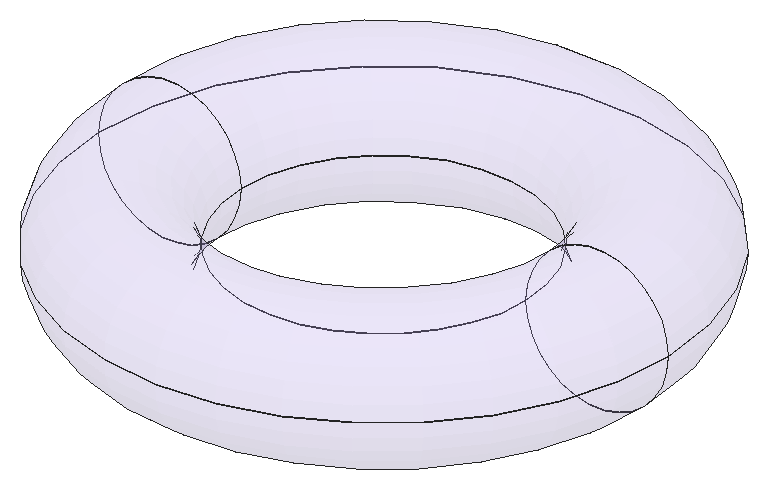
Revit family
Parameters
  반지름 [instance] = 1500 mm
  경로 반지름 [instance] = 4500 mm
  매스 재료 [instance] = 기본 매스
  Default Elevation = 1219.2 mm
Reference planes
  plane 1 "중심(앞/뒤)": y = 12.955
  plane 2: z = 0
  plane 3 "중심(왼쪽/오른쪽)": x = -30.261
  plane 4: y = 4512.955
  plane 5: x = 4469.739
  plane 6: x = -4530.261
  plane 7: y = -4487.045
  plane 8: z = 1500
  plane 9: z = -1500
Forms (mm)
  Sweep 1, solid, material "기본 매스" <- "매스 재료"
    path origin (0, 0, 0) x (1, 0, 0) y (0, 1, 0)
      loop
        circle (-30.261, 12.955) r 4500
    profile origin (-30.261, 4512.955, 0) x (0, -1, 0) y (0, 0, 1)
      loop
        circle (0, 0) r 1500
Dimensions and locks
  locked: plane 2 to level
  locked: plane 4 to profile plane at 0
  "경로 반지름": plane 4 to plane 1 "중심(앞/뒤)"
  "경로 반지름": plane 1 "중심(앞/뒤)" to plane 7
  "경로 반지름": plane 3 "중심(왼쪽/오른쪽)" to plane 5
  "경로 반지름": plane 6 to plane 3 "중심(왼쪽/오른쪽)"
  "반지름": plane 8 to plane 2
  "반지름": plane 2 to plane 9
  "경로 반지름": radius of Sweep 1 sketch curve
  "반지름": radius of Sweep 1 sketch curve
Automatic sketch dimensions
  Sweep 1 sketch curve to plane 1 "중심(앞/뒤)" = 0 mm
  Sweep 1 sketch curve to plane 3 "중심(왼쪽/오른쪽)" = 0 mm
  Sweep 1 sketch curve to level = 0 mm
  Sweep 1 sketch curve to profile plane = 0 mm
